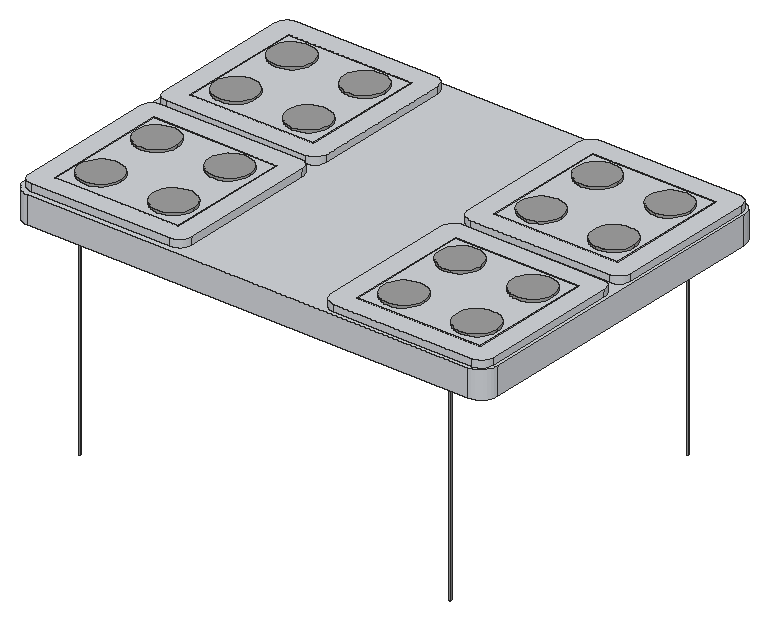
Revit family "Lighting-Industrial-GEWISS-SMART[4]HACCP_HIGHBAYS-LED_4M_DALI", category Apparecchi per illuminazione, Revit 2019
Family settings
  Quota connettore circolare = Usa diametro
  Tipo di parte = Normale
  Numero OmniClass = 23.80.70.00
  Titolo OmniClass = Lighting
  Basato su piano di lavoro = Sì
  Sempre verticale = No
  Taglio con vuoti quando caricato = No
  Sorgente d'illuminazione = No
  Condiviso = No
  Punto di calcolo locali = No
Parameters (values of type "GWS4421HQ857 - SMART4HB 4M ST.AL.DALI HACCP ELL.57K")
  Wiring = "With GW connect watertight connector"
  Weight (kg): = "13,5"
  Warranty = "5 years"
  Voltaggio = 230 V
  Version file RFA = "20.11"
  Unique digital code (Datamatrix) = "Datamatrix"
  Unified Glare Rating = "-"
  URL = "https://www.gewiss.com/ww/en"
  Type of light source = "LED - Not replaceable"
  Tilt- = "With bracket accessory"
  Technical sheet = "https://www.gewiss.com/ww/en/search?q=GWS4421HQ857"
  System power = "253W"
  Supply voltage = "220 - 240 V"
  Stocking temperature = "-40 +70 °C"
  Standards and approvals = "-"
  Standard- = "EN 60598-1 ; EN 60598-2-1 ; EN 60598-2-24"
  Standard Deviation Colour Matching = "SDCM = 3"
  Spostamento_y_etichetta [instance] = 0 mm
  Spostamento_y_effettivo_etichetta [instance] = 1500 mm - Spostamento_y_etichetta  # 1500 mm
  Spostamento_x_etichetta [instance] = 0 mm
  Spostamento_x_effettivo_etichetta [instance] = 1500 mm - Spostamento_x_etichetta  # 1500 mm
  Shock resistance = "IK07"
  Shield type = "PMMA"
  SEO = "High bay"
  Realized by GEWISS S.p.A. = ""
  Rated frequency (Hz) = "50/60 Hz"
  Produttore = "GEWISS S.p.A."
  Photobiological Risk Class = "RG0"
  Overvoltage protection = "DM 6 kV / CM 10 kV"
  Optic and illuminating features = "-"
  Optic Maintenance = "Non-replaceable"
  Optic : = "Metallic PC reflector and PMMA lenses"
  Optic = "Elliptical"
  Operating temperature : = "-30 +50 °C"
  Offset etichetta W [instance] = 150 mm
  Mouting and installation = "Ceiling - Wallmounting - Suspension"
  Modello = "GWS4421HQ857"
  Maximum surface exposed to the wind : = "0,350 m²"
  Materials = "-"
  Luminaire = "LED Industrial Reflector "
  Lumen output (lm) = "32500"
  Locking Hook = "-"
  Lifetime = "L90B10 (Tq+25°C) = 100.000 h - L90B10 (Tq+50°C) = 50.000 h"
  Lampada = "LED"
  LED Maintenance = "Non-replaceable"
  Insulation class = "I"
  Installationa and maintenance = "-"
  Immagine tipo = GWL1371.jpg
  IPEA = "-"
  IP degree = "IP65"
  IFC.TypeObject = ""
  IFC.ExportType = ""
  IFC.ExportAs = ""
  IDT = "8cae0c1428e746119892382860549084"
  IDF = "83bb5ed1-d9bc-4794-8449-086183d3a518"
  Glow Wire Test : = "650 °C"
  General information = "-"
  Gasket = "anti-aging silicone"
  Fixing = "-"
  External screw = "Stainless steel"
  Etichetta wattaggio [instance] = yes
  Spessore plafoniera = 40 mm  # constant formula
  Default Elevation = 1219.2 mm
  Proiettsmart4_simb [instance] = yes
  Plafoniera_bidimensionale [instance] = not(Proiettsmart4_simb)  # no
  Eletrical and lighting features = "-"
  Electrocod = "2444"
  Efficiency (lm/W) = "128"
  Driver Box = "Built-in"
  Driver = "Included"
  Device with reduced surface temperature = "Yes"
  Descrizione = "SMART[4]HB 4M ST.AL.DALI HACCP ELL.57K"
  DIN 18032-3 certification = "-"
  Control System : = "DALI"
  Control System = "1 x DALI DT6"
  Context = "Lighting of logistical and industrial food productive premises"
  Commenti sul wattaggio = "194W"
  Colour temperature = "5700K"
  Colour : = "Grey RAL 7035"
  Colour = "Grey RAL 7035"
  Color Rendering Index = "CRI-80"
  Classificazione = Lighting
  Classification: = "-"
  Catalogue = "LIGHTING"
  Carico apparente = 194 VA
  Lunghezza = 700 mm  # constant formula
  Larghezza = 504 mm  # constant formula
  Distanza_tot_plafoniera [instance] = 300 mm
  Distanza Sorg_Lum = 21.458 mm
  COBie.Tagnumber = ""
  COBie.CreatedOn = ""
  COBie.CreatebBy = ""
  COBie.ComponentRegisterItemID = ""
  COBie.Component.TagNumber = ""
  COBie.Component.Space = ""
  COBie.Component.SerialNumber = ""
  COBie.Component.InstallationDate = ""
  COBie.Component.Description = ""
  COBie.Component.BarCode = ""
  Body = "PA6 \"Halogen Free\" loaded fibreglass"
  Application = "Internal"
Types (12, lengths in mm): name | Unified Glare Rating | Technical sheet | SEO | Optic : | Optic | Modello | Lumen output (lm) | IDT | Efficiency (lm/W) | Descrizione | Colour temperature
  GWS4421HA840 - SMART4HB 4M ST.AL.DALI HACCP ARR.40K | "UGR - 25" | "https://www.gewiss.com/ww/en/search?q=GWS4421HA840" | "" | "Metallized polycarbonate reflector" | "Array" | "GWS4421HA840" | "36400" | "0210b93cf4374b0ab0eea4fe17e9f84e" | "144" | "SMART[4]HB 4M ST.AL.DALI HACCP ARR.40K" | "4000K"
  GWS4421HA857 - SMART4HB 4M ST.AL.DALI HACCP ARR.57K | "UGR - 25" | "https://www.gewiss.com/ww/en/search?q=GWS4421HA857" | "" | "Metallized polycarbonate reflector" | "Array" | "GWS4421HA857" | "36400" | "1e9a5fec2e454c0e9347cb0d87d181c7" | "144" | "SMART[4]HB 4M ST.AL.DALI HACCP ARR.57K" | "5700K"
  GWS4421HC840 - SMART4HB 4M ST.AL.DALI HACCP ASI.40K | "-" | "https://www.gewiss.com/ww/en/search?q=GWS4421HC840" | "High bay" | "Metallic PC reflector and PMMA lenses" | "Asymmetrical" | "GWS4421HC840" | "33000" | "a894ce7d500a44668b02fffd6eb966c0" | "130" | "SMART[4]HB 4M ST.AL.DALI HACCP ASI.40K" | "4000K"
  GWS4421HC857 - SMART4HB 4M ST.AL.DALI HACCP ASI.57K | "-" | "https://www.gewiss.com/ww/en/search?q=GWS4421HC857" | "High bay" | "Metallic PC reflector and PMMA lenses" | "Asymmetrical" | "GWS4421HC857" | "33000" | "701970b846df4e6d9f75915896dc7cf9" | "130" | "SMART[4]HB 4M ST.AL.DALI HACCP ASI.57K" | "5700K"
  GWS4421HF840 - SMART4HB 4M ST.AL.DALI HACCP 30° 40K | "UGR - 19" | "https://www.gewiss.com/ww/en/search?q=GWS4421HF840" | "" | "Metallic PC reflector and PMMA lenses" | "30°" | "GWS4421HF840" | "35700" | "290c3c1023564d9795263b0c5d546fe3" | "141" | "SMART[4]HB 4M ST.AL.DALI HACCP 30° 40K" | "4000K"
  GWS4421HF857 - SMART4HB 4M ST.AL.DALI HACCP 30° 57K | "UGR - 19" | "https://www.gewiss.com/ww/en/search?q=GWS4421HF857" | "" | "Metallic PC reflector and PMMA lenses" | "30°" | "GWS4421HF857" | "35700" | "4a32239c530042ba94b29557b786ad2c" | "141" | "SMART[4]HB 4M ST.AL.DALI HACCP 30° 57K" | "5700K"
  GWS4421HH840 - SMART4HB 4M ST.AL.DALI HACCP 60° 40K | "UGR - 22" | "https://www.gewiss.com/ww/en/search?q=GWS4421HH840" | "" | "Metallic PC reflector and PMMA lenses" | "60°" | "GWS4421HH840" | "36100" | "8428c04f35d04da8b97441649c1f88be" | "143" | "SMART[4]HB 4M ST.AL.DALI HACCP 60° 40K" | "4000K"
  GWS4421HH857 - SMART4HB 4M ST.AL.DALI HACCP 60° 57K | "UGR - 22" | "https://www.gewiss.com/ww/en/search?q=GWS4421HH857" | "" | "Metallic PC reflector and PMMA lenses" | "60°" | "GWS4421HH857" | "36100" | "af64887aca404c3d941e04a4dfe383f3" | "143" | "SMART[4]HB 4M ST.AL.DALI HACCP 60° 57K" | "5700K"
  GWS4421HP840 - SMART4HB 4M ST.AL.DALI HACCP 90° 40K | "UGR - 22" | "https://www.gewiss.com/ww/en/search?q=GWS4421HP840" | "" | "Metallic PC reflector and PMMA lenses" | "90°" | "GWS4421HP840" | "36100" | "70e9df6ecb5b48aeabc9627983f29cc4" | "143" | "SMART[4]HB 4M ST.AL.DALI HACCP 90° 40K" | "4000K"
  GWS4421HP857 - SMART4HB 4M ST.AL.DALI HACCP 90° 57K | "UGR - 22" | "https://www.gewiss.com/ww/en/search?q=GWS4421HP857" | "" | "Metallic PC reflector and PMMA lenses" | "90°" | "GWS4421HP857" | "36100" | "9659d56930f94aeaa07c9e9138f4a6b6" | "143" | "SMART[4]HB 4M ST.AL.DALI HACCP 90° 57K" | "5700K"
  GWS4421HQ840 - SMART4HB 4M ST.AL.DALI HACCP ELL.40K | "-" | "https://www.gewiss.com/ww/en/search?q=GWS4421HQ840" | "High bay" | "Metallic PC reflector and PMMA lenses" | "Elliptical" | "GWS4421HQ840" | "32500" | "6a0113a7b5224e16ad02a7929e34902a" | "128" | "SMART[4]HB 4M ST.AL.DALI HACCP ELL.40K" | "4000K"
  GWS4421HQ857 - SMART4HB 4M ST.AL.DALI HACCP ELL.57K | "-" | "https://www.gewiss.com/ww/en/search?q=GWS4421HQ857" | "High bay" | "Metallic PC reflector and PMMA lenses" | "Elliptical" | "GWS4421HQ857" | "32500" | "8cae0c1428e746119892382860549084" | "128" | "SMART[4]HB 4M ST.AL.DALI HACCP ELL.57K" | "5700K"
Reference planes
  plane 1 "Asse sorgente illuminazione (F/B)": y = 0
  plane 2 "2": z = 0
  plane 3 "Asse sorgente illuminazione (L/R)": x = 0
  plane 4 "Prospetto sorgente di illuminazione": z = 1500
  plane 5: x = -350
  plane 6: y = 252
  plane 7: x = 350
  plane 8: y = -252
  plane 9: x = 345
  plane 10: x = -345
  plane 11: x = -104.5
  plane 12: x = 104.5
  plane 13: y = 0
  plane 14: y = -1500
  plane 15: z = 300
  plane 16: z = 340
  plane 17: z = 350
  plane 18: x = -1500
  plane 19: x = 0
  plane 20: y = 0
Dimensions and locks
  equal spacing: plane 6, plane 1 "Asse sorgente illuminazione (F/B)", plane 8
  "Larghezza": plane 6 to plane 8
  equal spacing: plane 5, plane 3 "Asse sorgente illuminazione (L/R)", plane 7
  "Lunghezza": plane 5 to plane 7
  locked: plane 5 to plane 10 at 5
  locked: plane 9 to plane 7 at 5
  locked: plane 16 to plane 15 at 40
  plane 17 to plane 16 = 10 mm
  "Distanza_tot_plafoniera": plane 15 to plane 2 "2"
  plane 18 to plane 3 "Asse sorgente illuminazione (L/R)" = 1500 mm
  plane 1 "Asse sorgente illuminazione (F/B)" to plane 14 = 1500 mm
  "Spostamento_y_effettivo_etichetta": plane 20 to plane 14
  "Spostamento_x_effettivo_etichetta": plane 18 to plane 19
  aligned and locked: level to plane 2 "2"
  aligned and locked: plane 5 to nested 1
  aligned and locked: plane 6 to nested 1
  aligned and locked: plane 9 to nested 2  (x2)
  aligned and locked: plane 10 to nested 12
  aligned and locked: nested 1 to plane 15
  aligned and locked: nested 17 to plane 16
  aligned and locked: plane 16 to nested 12
  aligned and locked: plane 16 to nested 7
  aligned and locked: nested 2 to plane 16
  aligned and locked: plane 17 to nested 19
  aligned and locked: nested 21 to plane 17
  aligned and locked: plane 17 to nested 16
  aligned and locked: nested 14 to plane 17
  aligned and locked: plane 17 to nested 18
  aligned and locked: nested 20 to plane 17
  aligned and locked: plane 17 to nested 15
  aligned and locked: nested 13 to plane 17
  aligned and locked: nested 8 to plane 17
  aligned and locked: plane 17 to nested 10
  aligned and locked: nested 5 to plane 17
  aligned and locked: plane 17 to nested 3
  aligned and locked: nested 9 to plane 17
  aligned and locked: plane 17 to nested 11
  aligned and locked: nested 6 to plane 17
  aligned and locked: plane 17 to nested 4
  aligned and locked: nested 22 to plane 2 "2"
  aligned and locked: nested 23 to plane 2 "2"
  aligned and locked: nested 24 to plane 2 "2"
  aligned and locked: nested 25 to plane 2 "2"
  aligned and locked: nested 28 to plane 20
  aligned and locked: nested 28 to plane 19
Nested families
  nested 1: "Struttura_SMART 4" at (0, 0, 340), type "SMART 4 HB - 4 x 4L"
  nested 2: "mascherina_SMART (4)" at (225, 127, 350), type "Maschera_smart (4) 4L", detail levels fine
  nested 3: "Gewis - Led" at (172.217, 179, 353), type "Gewis - Led", detail levels medium+fine
  nested 4: "Gewis - Led" at (280, 179, 353), type "Gewis - Led", detail levels medium+fine
  nested 5: "Gewis - Led" at (172.217, 75, 353), type "Gewis - Led", detail levels medium+fine
  nested 6: "Gewis - Led" at (280, 75, 353), type "Gewis - Led", detail levels medium+fine
  nested 7: "mascherina_SMART (4)" at (225, -127, 350), type "Maschera_smart (4) 4L", detail levels fine
  nested 8: "Gewis - Led" at (172.217, -179, 353), type "Gewis - Led", detail levels medium+fine
  nested 9: "Gewis - Led" at (280, -179, 353), type "Gewis - Led", detail levels medium+fine
  nested 10: "Gewis - Led" at (172.217, -75, 353), type "Gewis - Led", detail levels medium+fine
  nested 11: "Gewis - Led" at (280, -75, 353), type "Gewis - Led", detail levels medium+fine
  nested 12: "mascherina_SMART (4)" at (-225, 127, 350) x (-1, 0, 0) z (0, 0, 1), type "Maschera_smart (4) 4L", detail levels fine
  nested 13: "Gewis - Led" at (-172.217, 179, 353) x (-1, 0, 0) z (0, 0, 1), type "Gewis - Led", detail levels medium+fine
  nested 14: "Gewis - Led" at (-280, 179, 353) x (-1, 0, 0) z (0, 0, 1), type "Gewis - Led", detail levels medium+fine
  nested 15: "Gewis - Led" at (-172.217, 75, 353) x (-1, 0, 0) z (0, 0, 1), type "Gewis - Led", detail levels medium+fine
  nested 16: "Gewis - Led" at (-280, 75, 353) x (-1, 0, 0) z (0, 0, 1), type "Gewis - Led", detail levels medium+fine
  nested 17: "mascherina_SMART (4)" at (-225, -123, 350) x (-1, 0, 0) z (0, 0, 1), type "Maschera_smart (4) 4L", detail levels fine
  nested 18: "Gewis - Led" at (-172.217, -175, 353) x (-1, 0, 0) z (0, 0, 1), type "Gewis - Led", detail levels medium+fine
  nested 19: "Gewis - Led" at (-280, -175, 353) x (-1, 0, 0) z (0, 0, 1), type "Gewis - Led", detail levels medium+fine
  nested 20: "Gewis - Led" at (-172.217, -71, 353) x (-1, 0, 0) z (0, 0, 1), type "Gewis - Led", detail levels medium+fine
  nested 21: "Gewis - Led" at (-280, -71, 353) x (-1, 0, 0) z (0, 0, 1), type "Gewis - Led", detail levels medium+fine
  nested 22: "Sospensione_ SMART LAB 4" at (274.338, -220.687, 0), Altezza sospensione <- "Distanza_tot_plafoniera", type "Sospensione_ SMART LAB 4"
    with Altezza sospensione 300 mm
  nested 23: "Sospensione_ SMART LAB 4" at (274.338, 219.313, 0), Altezza sospensione <- "Distanza_tot_plafoniera", type "Sospensione_ SMART LAB 4"
    with Altezza sospensione 300 mm
  nested 24: "Sospensione_ SMART LAB 4" at (-274.338, -220.687, 0), Altezza sospensione <- "Distanza_tot_plafoniera", type "Sospensione_ SMART LAB 4"
    with Altezza sospensione 300 mm
  nested 25: "Sospensione_ SMART LAB 4" at (-274.338, 219.313, 0), Altezza sospensione <- "Distanza_tot_plafoniera", type "Sospensione_ SMART LAB 4"
    with Altezza sospensione 300 mm
  nested 26: "Rappr_ bidimensionale" at (0, 0, 0), visible <- "Plafoniera_bidimensionale", type "4 X4 LED"
  nested 27: "PROIETTSMART - 4" at (0, 0, 0), visible <- "Proiettsmart4_simb", type "PROIETTSMART - 4"
  nested 28: "ETICHETTA LIGHT" at (0, 0, 0), type "ETICHETTA LIGHT"
Connectors
  electrical at (0.009, -0.098, 300), driven by "Classificazione", driven by "Carico apparente"
    settings: on nested 1, index 1, voltage 230 V, apparent load 0 VA, apparent load phase1 194 VA, apparent load phase2 0 VA, apparent load phase3 0 VA, power factor 1, load classification "Lighting", number of poles 2, system type 31, power factor state 1, is connector primary yes, connector utility no, sub classification motor no, connector description ""
Definition of nested family "Struttura_SMART 4"
  Parameters (values of type "SMART 4 HB - 4 x 4L")
    Struttura plafoniera = none
    Spessore_plafoniera = 40 mm
    Lunghezza = 700 mm
    Larghezza = 504 mm
  Types (2, lengths in mm): name | Lunghezza | Larghezza
    SMART 4 HB - 4+4L | 699 | 254
    SMART 4 HB - 4 x 4L | 700 | 504
  Reference planes
    plane 1 "Asse sorgente illuminazione (F/B)": y = 0
    plane 2: z = 0
    plane 3 "Asse sorgente illuminazione (L/R)": x = 0
    plane 4 "Prospetto sorgente di illuminazione": z = -40
    plane 5 "SX": x = -350
    plane 6 "DX": x = 350
    plane 7 "DIETRO": y = 252
    plane 8 "AVANTI": y = -252
    plane 9: x = 107
    plane 10: x = 339
    plane 11: y = -241
    plane 12: y = 241
    plane 13: x = -339
    plane 14: x = -107
  Forms (mm)
    Extrusion 1, solid, material <- "Struttura plafoniera"
      sketch origin (0, 0, 0) x (1, 0, 0) y (0, 1, 0)
        loop
          line (350, -227.595) -> (350, 227.59)
          arc (350, 227.59) -> (342.85, 244.85) -> (325.59, 252) r 24.41
          line (325.59, 252) -> (-325.509, 252)
          arc (-325.509, 252) -> (-343.054, 244.6) -> (-350, 226.871) r 24.499
          line (-350, 226.871) -> (-350, -227.592)
          arc (-350, -227.592) -> (-342.851, -244.851) -> (-325.592, -252) r 24.408
          line (-325.592, -252) -> (325.617, -252)
          arc (325.617, -252) -> (342.834, -244.868) -> (349.965, -227.652) r 24.348
      from -40 to 0
  Dimensions and locks
    equal spacing: plane 5 "SX", plane 3 "Asse sorgente illuminazione (L/R)", plane 6 "DX"
    equal spacing: plane 7 "DIETRO", plane 1 "Asse sorgente illuminazione (F/B)", plane 8 "AVANTI"
    "Lunghezza": plane 5 "SX" to plane 6 "DX"
    "Larghezza": plane 7 "DIETRO" to plane 8 "AVANTI"
    locked: plane 7 "DIETRO" to plane 12 at 11
    locked: plane 11 to plane 8 "AVANTI" at 11
    locked: plane 10 to plane 6 "DX" at 11
    locked: plane 9 to plane 10 at 232
    plane 13 to plane 14 = 232 mm
    locked: plane 5 "SX" to plane 13 at 11
    "Spessore_plafoniera": plane 2 to plane 4 "Prospetto sorgente di illuminazione"
    aligned and locked: level to plane 2
    aligned and locked: Extrusion 1 to plane 5 "SX"
    aligned and locked: Extrusion 1 to plane 8 "AVANTI"  (x2)
    aligned and locked: plane 7 "DIETRO" to Extrusion 1
    aligned and locked: plane 6 "DX" to Extrusion 1
    aligned and locked: plane 4 "Prospetto sorgente di illuminazione" to Extrusion 1
    aligned and locked: plane 2 to Extrusion 1
  Automatic sketch dimensions
    Extrusion 1 sketch curve to plane 5 "SX" = 0 mm
    Extrusion 1 sketch curve to plane 8 "AVANTI" = 0 mm
    Extrusion 1 sketch curve to plane 7 "DIETRO" = 0 mm
    Extrusion 1 sketch curve to plane 6 "DX" = 0 mm
    plane 13 to Extrusion 1 sketch curve = 13.408 mm
    plane 13 to Extrusion 1 sketch curve = 13.491 mm
    Extrusion 1 sketch curve to plane 10 = 13.41 mm
    Extrusion 1 sketch curve to plane 10 = 13.383 mm
    plane 11 to Extrusion 1 sketch curve = 13.348 mm
    Extrusion 1 sketch curve to plane 12 = 14.129 mm
    Extrusion 1 sketch curve to Extrusion 1 sketch curve = 0.056 mm
Definition of nested family "mascherina_SMART (4)"
  Parameters (values of type "Maschera_smart (4) 4L")
    Spessore_mascherina = 10 mm
    Default Elevation = 1219.2 mm
    N.intarsi = (Lunghezza_mascherina - (Bordo * 2)) / 15 mm  # 12
    N._intarsi verticale = (Larghezza_mascherina - (Bordo * 2)) / 17 mm  # 11
    Mascherina = none
    Lunghezza_mascherina = 240 mm
    Larghezza_mascherina = 240 mm
    Distanza_intarsi v. = 41 mm  # constant formula
    Distanza_intarsi = 37 mm  # constant formula
    Bordo = 29 mm
  Reference planes
    plane 1 "Centro (Fronte/Retro)": y = 0
    plane 2: z = 0
    plane 3 "Centro (Sinistra/Destra)": x = 0
    plane 4: x = -120
    plane 5 "Dietro": y = 120
    plane 6: x = 120
    plane 7: y = -120
    plane 8: x = -91
    plane 9: y = -91
    plane 10: x = 91
    plane 11: y = 91
    plane 12: x = -83
    plane 13: y = 94.742
    plane 14: y = -95
    plane 15: z = -10
    plane 16: x = -95
    plane 17: y = 79
    plane 18: y = -79
    plane 19: x = 95
    plane 20: z = -4.799
  Forms (mm)
    Extrusion 1, solid, material <- "Mascherina"
      sketch origin (0, 0, 0) x (1, 0, 0) y (0, 1, 0)
        loop
          arc (-102.5, 120) -> (-114.874, 114.874) -> (-120, 102.5) r 17.5
          line (-120, 102.5) -> (-120, -102.5)
          arc (-120, -102.5) -> (-114.874, -114.874) -> (-102.5, -120) r 17.5
          line (-102.5, -120) -> (102.5, -120)
          arc (102.5, -120) -> (114.874, -114.874) -> (120, -102.5) r 17.5
          line (120, -102.5) -> (120, 102.5)
          arc (120, 102.5) -> (114.874, 114.874) -> (102.5, 120) r 17.5
          line (102.5, 120) -> (-102.5, 120)
        loop
          line (-91, 91) -> (-91, -91) -> (91, -91) -> (91, 91) -> (-91, 91)
      from -10 to 0
    Extrusion 2, solid, material <- "Mascherina"
      sketch origin (0, 0, 0) x (1, 0, 0) y (0, 1, 0)
        loop
          line (-91, 91) -> (-91, -91) -> (91, -91) -> (91, 91) -> (-91, 91)
      from -4.799 to 0
  Dimensions and locks
    equal spacing: plane 4, plane 3 "Centro (Sinistra/Destra)", plane 6
    "Lunghezza_mascherina": plane 4 to plane 6
    equal spacing: plane 5 "Dietro", plane 1 "Centro (Fronte/Retro)", plane 7
    "Larghezza_mascherina": plane 5 "Dietro" to plane 7
    "Bordo": plane 4 to plane 8
    "Bordo": plane 9 to plane 7
    "Bordo": plane 5 "Dietro" to plane 11
    "Bordo": plane 10 to plane 6
    "Distanza_intarsi": plane 4 to plane 12
    locked: plane 13 to plane 11 at 3.742
    "Spessore_mascherina": plane 2 to plane 15
    "Distanza_intarsi v.": plane 5 "Dietro" to plane 17
    "Distanza_intarsi v.": plane 18 to plane 7
    locked: plane 9 to plane 14 at 4
    locked: plane 16 to plane 8 at 4
    locked: plane 10 to plane 19 at 4
    locked: plane 2 to plane 20 at 4.799
    radius of Extrusion 1 sketch curve = 17.5 mm  (x4)
    aligned and locked: level to plane 2
    aligned and locked: plane 4 to Extrusion 1 sketch curve
    aligned and locked: plane 6 to Extrusion 1 sketch curve
    aligned and locked: Extrusion 1 sketch curve to plane 5 "Dietro"
    aligned and locked: Extrusion 1 sketch curve to plane 7
    aligned and locked: Extrusion 1 sketch curve to plane 11
    aligned and locked: plane 8 to Extrusion 1 sketch curve
    aligned and locked: plane 9 to Extrusion 1 sketch curve
    aligned and locked: Extrusion 1 sketch curve to plane 10
    aligned and locked: plane 2 to Extrusion 1
    aligned and locked: Extrusion 1 to plane 15
    aligned and locked: Extrusion 2 sketch curve to plane 10
    aligned and locked: plane 9 to Extrusion 2 sketch curve
    aligned and locked: plane 8 to Extrusion 2 sketch curve
    aligned and locked: Extrusion 2 sketch curve to plane 11
    aligned and locked: plane 2 to Extrusion 2
    aligned and locked: Extrusion 2 to plane 20
Definition of nested family "Gewis - Led"
  Parameters (values of type "Gewis - Led")
    Vetro = none
    Raggio led = 30 mm
    Default Elevation = 1219.2 mm
    Estensione vetro = 3 mm
  Reference planes
    plane 1 "Centro (Fronte/Retro)": y = 0
    plane 2: z = 0
    plane 3 "Centro (Sinistra/Destra)": x = 0
  Forms (mm)
    Extrusion 1, solid, material <- "Vetro"
      sketch origin (0, 0, 0) x (1, 0, 0) y (0, 1, 0)
        loop
          circle (0, 0) r 30
      from -3 to 0
  Dimensions and locks
    "Estensione vetro": level to Extrusion 1
    "Raggio led": radius of Extrusion 1 sketch curve
    aligned and locked: level to plane 2
    aligned and locked: level to Extrusion 1
  Automatic sketch dimensions
    plane 1 "Centro (Fronte/Retro)" to Extrusion 1 sketch curve = 0 mm
    Extrusion 1 sketch curve to plane 3 "Centro (Sinistra/Destra)" = 0 mm
Definition of nested family "Sospensione_ SMART LAB 4"
  Parameters (values of type "Sospensione_ SMART LAB 4")
    Default Elevation = 1219.2 mm
    Altezza sospensione [instance] = 500 mm
  Reference planes
    plane 1 "Center (Front/Back)": y = 0
    plane 2: z = 0
    plane 3 "Center (Left/Right)": x = 0
    plane 4: z = 500
  Forms (mm)
    Extrusion 1, solid
      sketch origin (0, 0, 0) x (1, 0, 0) y (0, 1, 0)
        loop
          circle (0, -0.028) r 1.25
      from 0 to 500
  Lines and regions (mm)
    model lines, not visible
      curve 1: line (0, 0, 0) -> (0, 0, 9.482)
  Dimensions and locks
    "Altezza sospensione": plane 4 to level
    plane 4 to plane 2 = 500 mm
    aligned and locked: level to plane 2
    aligned and locked: plane 4 to Extrusion 1
    aligned and locked: Extrusion 1 to plane 2
  Automatic sketch dimensions
    Extrusion 1 sketch curve to plane 3 "Center (Left/Right)" = 0 mm
    plane 1 "Center (Front/Back)" to Extrusion 1 sketch curve = 0.028 mm
    curve 1 to plane 3 "Center (Left/Right)" = 0 mm
    curve 1 to level = 0 mm
    curve 1 to curve 1 = 9.482 mm
    radius of Extrusion 1 sketch curve = 1.25 mm
Definition of nested family "Rappr_ bidimensionale"
  Parameters (values of type "4 X4 LED")
    5 LED = no
    4 LED = not([5 LED])  # yes
  Reference planes
    plane 1 "Centro (Fronte/Retro)": y = 0
    plane 2: z = 0
    plane 3 "Centro (Sinistra/Destra)": x = 0
  Lines and regions (mm)
    model lines, in view "Livello rif.", visible <- "4 LED"
      curve 1: circle (176.124, 171.566, 0) r 28.619 normal (0, 0, 1)
      curve 2: circle (270.124, 77.566, 0) r 28.619 normal (0, 0, 1)
      curve 3: circle (176.124, 77.566, 0) r 28.619 normal (0, 0, 1)
      curve 4: circle (270.124, 171.566, 0) r 28.619 normal (0, 0, 1)
      curve 5: circle (-175.025, 77.434, 0) r 28.619 normal (0, 0, 1)
      curve 6: circle (-269.025, 171.434, 0) r 28.619 normal (0, 0, 1)
      curve 7: circle (-175.025, 171.434, 0) r 28.619 normal (0, 0, 1)
      curve 8: circle (-269.025, 77.434, 0) r 28.619 normal (0, 0, 1)
      curve 9: circle (-175.025, -171.611, 0) r 28.619 normal (0, 0, 1)
      curve 10: circle (-269.025, -77.611, 0) r 28.619 normal (0, 0, 1)
      curve 11: circle (-175.025, -77.611, 0) r 28.619 normal (0, 0, 1)
      curve 12: circle (-269.025, -171.611, 0) r 28.619 normal (0, 0, 1)
      curve 13: circle (176.124, -77.434, 0) r 28.619 normal (0, 0, 1)
      curve 14: circle (270.124, -171.434, 0) r 28.619 normal (0, 0, 1)
      curve 15: circle (176.124, -171.434, 0) r 28.619 normal (0, 0, 1)
      curve 16: circle (270.124, -77.434, 0) r 28.619 normal (0, 0, 1)
    model lines, in view "Livello rif."
      curve 17: arc (-326.07, 251.865, 0) -> (-342.562, 245.006, 0) -> (-349.39, 228.5, 0) r 23.365
      curve 18: arc (350.489, 228.546, 0) -> (343.613, 245.054, 0) -> (327.079, 251.865, 0) r 23.365
      curve 19: arc (327.098, -251.865, 0) -> (343.653, -245.015, 0) -> (350.489, -228.454, 0) r 23.365
      curve 20: arc (-349.39, -228.5, 0) -> (-342.555, -245.013, 0) -> (-326.05, -251.865, 0) r 23.365
      curve 21: arc (-102.728, -20.5, 0) -> (-107.214, -9.678, 0) -> (-118.041, -5.203, 0) r 15.297
      curve 22: arc (-118.041, 5.203, 0) -> (-107.214, 9.678, 0) -> (-102.728, 20.5, 0) r 15.297
      curve 23: arc (-118.041, -243.797, 0) -> (-107.214, -239.322, 0) -> (-102.728, -228.5, 0) r 15.297
      curve 24: arc (327.107, 5.203, 0) -> (337.947, 9.69, 0) -> (342.421, 20.535, 0) r 15.297
      curve 25: arc (103.827, 20.465, 0) -> (108.314, 9.677, 0) -> (119.107, 5.203, 0) r 15.297
      curve 26: arc (119.089, 243.797, 0) -> (108.308, 239.316, 0) -> (103.827, 228.535, 0) r 15.297
      curve 27: arc (342.421, 228.535, 0) -> (337.916, 239.341, 0) -> (327.089, 243.797, 0) r 15.297
      curve 28: arc (-341.321, 20.535, 0) -> (-336.859, 9.702, 0) -> (-326.041, 5.203, 0) r 15.297
      curve 29: arc (-326.059, 243.797, 0) -> (-336.865, 239.292, 0) -> (-341.321, 228.465, 0) r 15.297
      curve 30: arc (-102.728, 228.5, 0) -> (-107.22, 239.329, 0) -> (-118.059, 243.797, 0) r 15.297
      curve 31: arc (342.421, -20.465, 0) -> (337.922, -9.666, 0) -> (327.107, -5.203, 0) r 15.297
      curve 32: arc (327.107, -243.797, 0) -> (337.947, -239.31, 0) -> (342.421, -228.465, 0) r 15.297
      curve 33: arc (103.827, -228.535, 0) -> (108.314, -239.323, 0) -> (119.107, -243.797, 0) r 15.297
      curve 34: arc (119.107, -5.203, 0) -> (108.314, -9.677, 0) -> (103.827, -20.465, 0) r 15.297
      curve 35: arc (-341.321, -228.465, 0) -> (-336.859, -239.298, 0) -> (-326.041, -243.797, 0) r 15.297
      curve 36: arc (-326.041, -5.203, 0) -> (-336.859, -9.702, 0) -> (-341.321, -20.535, 0) r 15.297
      curve 37: line (130.624, 32, 0) -> (130.624, 217, 0)
      curve 38: line (130.624, 217, 0) -> (315.624, 217, 0)
      curve 39: line (315.624, 217, 0) -> (315.624, 32, 0)
      curve 40: line (315.624, 32, 0) -> (130.624, 32, 0)
      curve 41: line (-129.525, 32, 0) -> (-314.525, 32, 0)
      curve 42: line (-314.525, 32, 0) -> (-314.525, 217, 0)
      curve 43: line (-314.525, 217, 0) -> (-129.525, 217, 0)
      curve 44: line (-129.525, 217, 0) -> (-129.525, 32, 0)
      curve 45: line (-129.525, -217.045, 0) -> (-314.525, -217.045, 0)
      curve 46: line (-314.525, -217.045, 0) -> (-314.525, -32.045, 0)
      curve 47: line (-314.525, -32.045, 0) -> (-129.525, -32.045, 0)
      curve 48: line (-129.525, -32.045, 0) -> (-129.525, -217.045, 0)
      curve 49: line (130.624, -217, 0) -> (130.624, -32, 0)
      curve 50: line (130.624, -32, 0) -> (315.624, -32, 0)
      curve 51: line (315.624, -32, 0) -> (315.624, -217, 0)
      curve 52: line (315.624, -217, 0) -> (130.624, -217, 0)
      curve 53: line (-349.39, 228.5, 0) -> (-349.39, -228.5, 0)
      curve 54: line (327.079, 251.865, 0) -> (-326.07, 251.865, 0)
      curve 55: line (350.489, -228.454, 0) -> (350.489, 228.546, 0)
      curve 56: line (327.098, -251.865, 0) -> (-326.05, -251.865, 0)
      curve 57: line (-102.728, -228.5, 0) -> (-102.728, -20.5, 0)
      curve 58: line (-326.041, -5.203, 0) -> (-118.041, -5.203, 0)
      curve 59: line (-102.728, 20.5, 0) -> (-102.728, 228.5, 0)
      curve 60: line (-326.041, 5.203, 0) -> (-118.041, 5.203, 0)
      curve 61: line (119.107, 5.203, 0) -> (327.107, 5.203, 0)
      curve 62: line (103.827, 20.465, 0) -> (103.827, 228.535, 0)
      curve 63: line (119.089, 243.797, 0) -> (327.089, 243.797, 0)
      curve 64: line (342.421, 20.535, 0) -> (342.421, 228.535, 0)
      curve 65: line (-341.321, 20.535, 0) -> (-341.321, 228.465, 0)
      curve 66: line (-326.059, 243.797, 0) -> (-118.059, 243.797, 0)
      curve 67: line (119.107, -5.203, 0) -> (327.107, -5.203, 0)
      curve 68: line (342.421, -228.465, 0) -> (342.421, -20.465, 0)
      curve 69: line (119.107, -243.797, 0) -> (327.107, -243.797, 0)
      curve 70: line (103.827, -228.535, 0) -> (103.827, -20.465, 0)
      curve 71: line (-326.041, -243.797, 0) -> (-118.041, -243.797, 0)
      curve 72: line (-341.321, -228.465, 0) -> (-341.321, -20.535, 0)
    detail lines, in view "Livello rif.", visible <- "5 LED"
      curve 73: circle (-223.979, 122.48, 0) r 28.619 normal (0, 0, 1)
      curve 74: circle (-175.025, 77.434, 0) r 28.619 normal (0, 0, 1)
      curve 75: circle (-269.025, 171.434, 0) r 28.619 normal (0, 0, 1)
      curve 76: circle (-175.025, 171.434, 0) r 28.619 normal (0, 0, 1)
      curve 77: circle (-269.025, 77.434, 0) r 28.619 normal (0, 0, 1)
      curve 78: circle (176.124, 171.566, 0) r 28.619 normal (0, 0, 1)
      curve 79: circle (270.124, 77.566, 0) r 28.619 normal (0, 0, 1)
      curve 80: circle (176.124, 77.566, 0) r 28.619 normal (0, 0, 1)
      curve 81: circle (270.124, 171.566, 0) r 28.619 normal (0, 0, 1)
      curve 82: circle (-175.025, -171.611, 0) r 28.619 normal (0, 0, 1)
      curve 83: circle (-269.025, -77.611, 0) r 28.619 normal (0, 0, 1)
      curve 84: circle (-175.025, -77.611, 0) r 28.619 normal (0, 0, 1)
      curve 85: circle (-269.025, -171.611, 0) r 28.619 normal (0, 0, 1)
      curve 86: circle (176.124, -77.434, 0) r 28.619 normal (0, 0, 1)
      curve 87: circle (270.124, -171.434, 0) r 28.619 normal (0, 0, 1)
      curve 88: circle (176.124, -171.434, 0) r 28.619 normal (0, 0, 1)
      curve 89: circle (270.124, -77.434, 0) r 28.619 normal (0, 0, 1)
      curve 90: circle (-221.479, -125.02, 0) r 28.619 normal (0, 0, 1)
      curve 91: circle (221.694, -125.02, 0) r 28.619 normal (0, 0, 1)
      curve 92: circle (221.694, 124.956, 0) r 28.619 normal (0, 0, 1)
Definition of nested family "PROIETTSMART - 4"
  Reference planes
    plane 1 "Centro (Fronte/Retro)": y = 0
    plane 2: z = 0
    plane 3 "Centro (Sinistra/Destra)": x = 0
  Lines and regions (mm)
    model lines, in view "Livello rif."
      curve 1: line (134.982, -122.65, 0) -> (68.521, -89.561, 0)
      curve 2: line (68.521, -89.561, 0) -> (134.982, -56.075, 0)
      curve 3: line (134.982, -56.075, 0) -> (134.982, -122.65, 0)
      curve 4: line (68.521, -56.274, 0) -> (68.521, -122.849, 0)
      curve 5: line (68.521, -89.561, 0) -> (29.658, -89.561, 0)
      curve 6: line (134.982, -89.362, 0) -> (163.679, -89.362, 0)
      curve 7: line (198.934, -192.237, 0) -> (-201.066, -192.237, 0)
      curve 8: line (19.872, -13.139, 0) -> (172.718, -13.139, 0)
      curve 9: line (172.718, -13.139, 0) -> (172.718, -165.984, 0)
      curve 10: line (172.718, -165.984, 0) -> (19.872, -165.984, 0)
      curve 11: line (19.872, -165.984, 0) -> (19.872, -13.139, 0)
      curve 12: line (-59.74, -122.65, 0) -> (-126.201, -89.561, 0)
      curve 13: line (-126.201, -89.561, 0) -> (-59.74, -56.075, 0)
      curve 14: line (-59.74, -56.075, 0) -> (-59.74, -122.65, 0)
      curve 15: line (-126.201, -56.274, 0) -> (-126.201, -122.849, 0)
      curve 16: line (-126.201, -89.561, 0) -> (-165.064, -89.561, 0)
      curve 17: line (-59.74, -89.362, 0) -> (-31.043, -89.362, 0)
      curve 18: line (-174.85, -13.139, 0) -> (-22.005, -13.139, 0)
      curve 19: line (-22.005, -13.139, 0) -> (-22.005, -165.984, 0)
      curve 20: line (-22.005, -165.984, 0) -> (-174.85, -165.984, 0)
      curve 21: line (-174.85, -165.984, 0) -> (-174.85, -13.139, 0)
      curve 22: line (134.982, 56.449, 0) -> (68.521, 89.537, 0)
      curve 23: line (68.521, 89.537, 0) -> (134.982, 123.023, 0)
      curve 24: line (134.982, 123.023, 0) -> (134.982, 56.449, 0)
      curve 25: line (68.521, 122.824, 0) -> (68.521, 56.25, 0)
      curve 26: line (68.521, 89.537, 0) -> (29.658, 89.537, 0)
      curve 27: line (134.982, 89.736, 0) -> (163.679, 89.736, 0)
      curve 28: line (19.872, 165.96, 0) -> (172.718, 165.96, 0)
      curve 29: line (172.718, 165.96, 0) -> (172.718, 13.114, 0)
      curve 30: line (172.718, 13.114, 0) -> (19.872, 13.114, 0)
      curve 31: line (19.872, 13.114, 0) -> (19.872, 165.96, 0)
      curve 32: line (198.934, -192.237, 0) -> (198.934, 192.237, 0)
      curve 33: line (198.934, 192.237, 0) -> (-201.066, 192.237, 0)
      curve 34: line (-201.066, 192.237, 0) -> (-201.066, -192.237, 0)
      curve 35: line (-59.74, 56.449, 0) -> (-126.201, 89.537, 0)
      curve 36: line (-126.201, 89.537, 0) -> (-59.74, 123.023, 0)
      curve 37: line (-59.74, 123.023, 0) -> (-59.74, 56.449, 0)
      curve 38: line (-126.201, 122.824, 0) -> (-126.201, 56.25, 0)
      curve 39: line (-126.201, 89.537, 0) -> (-165.064, 89.537, 0)
      curve 40: line (-59.74, 89.736, 0) -> (-31.043, 89.736, 0)
      curve 41: line (-174.85, 165.96, 0) -> (-22.005, 165.96, 0)
      curve 42: line (-22.005, 165.96, 0) -> (-22.005, 13.114, 0)
      curve 43: line (-22.005, 13.114, 0) -> (-174.85, 13.114, 0)
      curve 44: line (-174.85, 13.114, 0) -> (-174.85, 165.96, 0)
Definition of nested family "ETICHETTA LIGHT"
  Parameters (values of type "ETICHETTA LIGHT")
    COMMENTI = "236W"
  Reference planes
    plane 1: y = 0
    plane 2: x = 0
  Text (mm)
    label "COMMENTI" at (-0.057, 0.105, 0), shows "COMMENTI"
